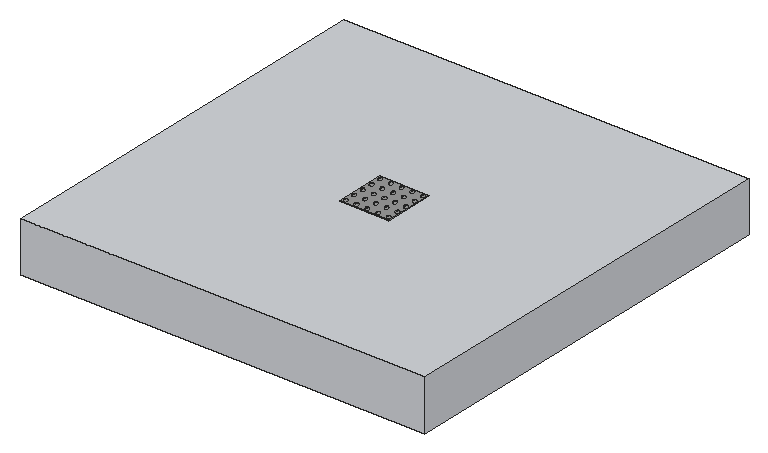
Revit family "Тактильная плитка ПВХ линейное расположение (приклеивание)", category Оборудование, Revit 2017
Family settings
  Основа = Грань
  Размер круглого соединителя = Использовать диаметр
  Тип детали = Нормальный
  При загрузке вырезать с полостями = Да
  Общий = Да
  Точка расчета площади = Нет
Parameters (values of type "Тактильная плитка полиуретановая_Черная")
  Стоимость = 175
  Применение = "Улица/Помещение"
  Default Elevation = 0 mm
  Описание = "Тактильная плитка ПВХ с тактильными конусами в линейном порядке информирует человека с ограничениями зрения о преодолимом препятствии на пути. При этом черный цвет плитки является контрастом к светлой поверхности, что особенно важно для слабовидящего человека. Данную ПВХ плитку очень легко монтировать внутри помещений методом приклеивания."
  Изготовитель = "ТИФЛОЦЕНТР «ВЕРТИКАЛЬ»"
  URL = "http://tiflocentre.ru/magazin/view_product.php?cat=1&podcat=1&id=1085"
  ADSK_Тип рифов = "Конусообразные рифы, линейное расположение"
  ADSK_Размер_Ширина = 300 mm
  ADSK_Размер_Толщина = 2 mm
  ADSK_Размер_Длина = 300 mm
  ADSK_Размер_Габариты = "300Х300"
  ADSK_Размер_Высота рифа = 5 mm
  ADSK_Наименование = "Тактильная плитка ПВХ линейное расположение (приклеивание)"
  ADSK_Материал плитки = Вертикаль_Полиуретан_Черный
  ADSK_Материал наименование = "Полиуретан, цвет черный"
  ADSK_Код изделия = "10653-CH"
Types (2, lengths in mm): name | Описание | URL | ADSK_Материал плитки | ADSK_Материал наименование | ADSK_Код изделия
  Тактильная плитка полиуретан дагональ_Желтая | "Тактильная плитка ПВХ с тактильными конусами в линейном порядке информирует человека с ограничениями зрения о преодолимом препятствии на пути. Желтый цвет служит контрастом к темной поверхности, что особенно важно для слабовидящего человека. Особенность данной серии ПВХ плитки - самоклеящаяс основа, позволяющая ее легко монтировать в помещениях. Самоклеящаяся плитка ПВХ протестирована незрячими специалистами и рекомендована к применению ВОС." | "http://tiflocentre.ru/magazin/view_product.php?cat=1&podcat=1&id=1084" | Вертикаль_Полиуретан_Желтый | "Полиуретан, цвет желтый" | "10653-ZH"
  Тактильная плитка полиуретановая_Черная | "Тактильная плитка ПВХ с тактильными конусами в линейном порядке информирует человека с ограничениями зрения о преодолимом препятствии на пути. При этом черный цвет плитки является контрастом к светлой поверхности, что особенно важно для слабовидящего человека. Данную ПВХ плитку очень легко монтировать внутри помещений методом приклеивания." | "http://tiflocentre.ru/magazin/view_product.php?cat=1&podcat=1&id=1085" | Вертикаль_Полиуретан_Черный | "Полиуретан, цвет черный" | "10653-CH"
Reference planes
  plane 1 "По центру (Вперед/Назад)": y = 0
  plane 2: z = 0
  plane 3 "По центру (Влево/Вправо)": x = 0
  plane 4: x = -150
  plane 5: x = 150
  plane 6: y = -150
  plane 7: y = 150
  plane 8: z = 2
  plane 9: x = -65
  plane 10: x = -130
  plane 11: x = 65
  plane 12: x = 130
  plane 13: y = 130
  plane 14: y = 65
  plane 15: y = -130
  plane 16: y = -65
Forms (mm)
  Extrusion 1, solid
    sketch origin (0, 0, 0) x (1, 0, 0) y (0, 1, 0)
      loop
        line (-1219.2, 1219.2) -> (-1219.2, -1219.2) -> (1219.2, -1219.2) -> (1219.2, 1219.2) -> (-1219.2, 1219.2)
    from 0 to -304.8
  Extrusion 2, solid, material "Вертикаль_Полиуретан_Черный" <- "ADSK_Материал плитки"
    sketch origin (0, 0, 0) x (1, 0, 0) y (0, 1, 0)
      loop
        line (-150, 150) -> (-150, -150) -> (150, -150) -> (150, 150) -> (-150, 150)
    from 0 to 2
Dimensions and locks
  equal spacing: plane 7, plane 1 "По центру (Вперед/Назад)", plane 6
  equal spacing: plane 4, plane 3 "По центру (Влево/Вправо)", plane 5
  "ADSK_Размер_Ширина": plane 4 to plane 5
  "ADSK_Размер_Длина": plane 7 to plane 6
  "ADSK_Размер_Толщина": plane 8 to level
  plane 8 to level = 2 mm
  plane 4 to plane 10 = 20 mm
  plane 15 to plane 6 = 20 mm
  plane 12 to plane 5 = 20 mm
  plane 7 to plane 13 = 20 mm
  aligned and locked: plane 2 to Extrusion 1
  aligned and locked: level to Extrusion 1
  aligned and locked: plane 4 to Extrusion 2 sketch curve
  aligned and locked: Extrusion 2 sketch curve to plane 7
  aligned and locked: Extrusion 2 sketch curve to plane 5
  aligned and locked: plane 6 to Extrusion 2 sketch curve
  aligned and locked: Extrusion 2 to level
  aligned and locked: Extrusion 2 to Extrusion 1
  aligned and locked: plane 8 to Extrusion 2
Automatic sketch dimensions
  Extrusion 1 sketch curve to Extrusion 1 sketch curve = 2438.4 mm  (x2)
Nested families
  nested 1: "Риф" at (130, -130, 2), built-in parameter 1001364 <- "ADSK_Размер_Толщина", Материал <- "ADSK_Материал плитки", type "Риф"
    with Радиус основания 10 mm, Радиус вершины 7 mm, Материал Вертикаль_Полиуретан_Черный
  nested 2: "Риф" at (130, -65, 2), built-in parameter 1001364 <- "ADSK_Размер_Толщина", Материал <- "ADSK_Материал плитки", type "Риф"
    with Радиус основания 10 mm, Радиус вершины 7 mm, Материал Вертикаль_Полиуретан_Черный
  nested 3: "Риф" at (130, 0, 2), built-in parameter 1001364 <- "ADSK_Размер_Толщина", Материал <- "ADSK_Материал плитки", type "Риф"
    with Радиус основания 10 mm, Радиус вершины 7 mm, Материал Вертикаль_Полиуретан_Черный
  nested 4: "Риф" at (130, 65, 2), built-in parameter 1001364 <- "ADSK_Размер_Толщина", Материал <- "ADSK_Материал плитки", type "Риф"
    with Радиус основания 10 mm, Радиус вершины 7 mm, Материал Вертикаль_Полиуретан_Черный
  nested 5: "Риф" at (130, 130, 2), built-in parameter 1001364 <- "ADSK_Размер_Толщина", Материал <- "ADSK_Материал плитки", type "Риф"
    with Радиус основания 10 mm, Радиус вершины 7 mm, Материал Вертикаль_Полиуретан_Черный
  nested 6: "Риф" at (65, -130, 2), built-in parameter 1001364 <- "ADSK_Размер_Толщина", Материал <- "ADSK_Материал плитки", type "Риф"
    with Радиус основания 10 mm, Радиус вершины 7 mm, Материал Вертикаль_Полиуретан_Черный
  nested 7: "Риф" at (65, -65, 2), built-in parameter 1001364 <- "ADSK_Размер_Толщина", Материал <- "ADSK_Материал плитки", type "Риф"
    with Радиус основания 10 mm, Радиус вершины 7 mm, Материал Вертикаль_Полиуретан_Черный
  nested 8: "Риф" at (65, 0, 2), built-in parameter 1001364 <- "ADSK_Размер_Толщина", Материал <- "ADSK_Материал плитки", type "Риф"
    with Радиус основания 10 mm, Радиус вершины 7 mm, Материал Вертикаль_Полиуретан_Черный
  nested 9: "Риф" at (65, 65, 2), built-in parameter 1001364 <- "ADSK_Размер_Толщина", Материал <- "ADSK_Материал плитки", type "Риф"
    with Радиус основания 10 mm, Радиус вершины 7 mm, Материал Вертикаль_Полиуретан_Черный
  nested 10: "Риф" at (65, 130, 2), built-in parameter 1001364 <- "ADSK_Размер_Толщина", Материал <- "ADSK_Материал плитки", type "Риф"
    with Радиус основания 10 mm, Радиус вершины 7 mm, Материал Вертикаль_Полиуретан_Черный
  nested 11: "Риф" at (0, -130, 2), built-in parameter 1001364 <- "ADSK_Размер_Толщина", Материал <- "ADSK_Материал плитки", type "Риф"
    with Радиус основания 10 mm, Радиус вершины 7 mm, Материал Вертикаль_Полиуретан_Черный
  nested 12: "Риф" at (0, -65, 2), built-in parameter 1001364 <- "ADSK_Размер_Толщина", Материал <- "ADSK_Материал плитки", type "Риф"
    with Радиус основания 10 mm, Радиус вершины 7 mm, Материал Вертикаль_Полиуретан_Черный
  nested 13: "Риф" at (0, 0, 2), built-in parameter 1001364 <- "ADSK_Размер_Толщина", Материал <- "ADSK_Материал плитки", type "Риф"
    with Радиус основания 10 mm, Радиус вершины 7 mm, Материал Вертикаль_Полиуретан_Черный
  nested 14: "Риф" at (0, 65, 2), built-in parameter 1001364 <- "ADSK_Размер_Толщина", Материал <- "ADSK_Материал плитки", type "Риф"
    with Радиус основания 10 mm, Радиус вершины 7 mm, Материал Вертикаль_Полиуретан_Черный
  nested 15: "Риф" at (0, 130, 2), built-in parameter 1001364 <- "ADSK_Размер_Толщина", Материал <- "ADSK_Материал плитки", type "Риф"
    with Радиус основания 10 mm, Радиус вершины 7 mm, Материал Вертикаль_Полиуретан_Черный
  nested 16: "Риф" at (-65, -130, 2), built-in parameter 1001364 <- "ADSK_Размер_Толщина", Материал <- "ADSK_Материал плитки", type "Риф"
    with Радиус основания 10 mm, Радиус вершины 7 mm, Материал Вертикаль_Полиуретан_Черный
  nested 17: "Риф" at (-65, -65, 2), built-in parameter 1001364 <- "ADSK_Размер_Толщина", Материал <- "ADSK_Материал плитки", type "Риф"
    with Радиус основания 10 mm, Радиус вершины 7 mm, Материал Вертикаль_Полиуретан_Черный
  nested 18: "Риф" at (-65, 0, 2), built-in parameter 1001364 <- "ADSK_Размер_Толщина", Материал <- "ADSK_Материал плитки", type "Риф"
    with Радиус основания 10 mm, Радиус вершины 7 mm, Материал Вертикаль_Полиуретан_Черный
  nested 19: "Риф" at (-65, 65, 2), built-in parameter 1001364 <- "ADSK_Размер_Толщина", Материал <- "ADSK_Материал плитки", type "Риф"
    with Радиус основания 10 mm, Радиус вершины 7 mm, Материал Вертикаль_Полиуретан_Черный
  nested 20: "Риф" at (-65, 130, 2), built-in parameter 1001364 <- "ADSK_Размер_Толщина", Материал <- "ADSK_Материал плитки", type "Риф"
    with Радиус основания 10 mm, Радиус вершины 7 mm, Материал Вертикаль_Полиуретан_Черный
  nested 21: "Риф" at (-130, -130, 2), built-in parameter 1001364 <- "ADSK_Размер_Толщина", Материал <- "ADSK_Материал плитки", type "Риф"
    with Радиус основания 10 mm, Радиус вершины 7 mm, Материал Вертикаль_Полиуретан_Черный
  nested 22: "Риф" at (-130, -65, 2), built-in parameter 1001364 <- "ADSK_Размер_Толщина", Материал <- "ADSK_Материал плитки", type "Риф"
    with Радиус основания 10 mm, Радиус вершины 7 mm, Материал Вертикаль_Полиуретан_Черный
  nested 23: "Риф" at (-130, 0, 2), built-in parameter 1001364 <- "ADSK_Размер_Толщина", Материал <- "ADSK_Материал плитки", type "Риф"
    with Радиус основания 10 mm, Радиус вершины 7 mm, Материал Вертикаль_Полиуретан_Черный
  nested 24: "Риф" at (-130, 65, 2), built-in parameter 1001364 <- "ADSK_Размер_Толщина", Материал <- "ADSK_Материал плитки", type "Риф"
    with Радиус основания 10 mm, Радиус вершины 7 mm, Материал Вертикаль_Полиуретан_Черный
  nested 25: "Риф" at (-130, 130, 2), built-in parameter 1001364 <- "ADSK_Размер_Толщина", Материал <- "ADSK_Материал плитки", type "Риф"
    with Радиус основания 10 mm, Радиус вершины 7 mm, Материал Вертикаль_Полиуретан_Черный
Definition of nested family "Риф"
  Parameters (values of type "Риф")
    Радиус основания [instance] = 10 mm
    Радиус вершины [instance] = 5 mm
    Материал [instance] = none
    Высота конуса = 5 mm
  Reference planes
    plane 1 "По центру (Вперед/Назад)": y = 0
    plane 2: z = 0
    plane 3 "По центру (Влево/Вправо)": x = 0
    plane 4: z = 5
    plane 5: y = -10
    plane 6: y = 10
    plane 7: y = -5
    plane 8: y = 5
  Forms (mm)
    Revolve 1, solid, material <- "Материал"
      sketch origin (0, 0, 0) x (0, 1, 0) y (0, 0, 1)
        loop
          line (0, 5) -> (0, 0) -> (10, 0) -> (5, 5) -> (0, 5)
        axis (0, 5) -> (0, 0)
      angle from 0 to 360
  Lines and regions (mm)
    model lines
      curve 1: line (0, 10, 0) -> (0, -10, 0)
      curve 2: line (10, 0, 0) -> (-10, 0, 0)
  Dimensions and locks
    "Высота конуса": plane 4 to plane 2
    equal spacing: plane 5, plane 1 "По центру (Вперед/Назад)", plane 6
    "Радиус основания": plane 5 to plane 1 "По центру (Вперед/Назад)"
    equal spacing: plane 7, plane 1 "По центру (Вперед/Назад)", plane 8
    "Радиус вершины": plane 7 to plane 1 "По центру (Вперед/Назад)"
    aligned and locked: level to plane 2
    aligned and locked: plane 4 to Revolve 1
    aligned and locked: level to Revolve 1 sketch curve
    aligned and locked: plane 6 to Revolve 1 sketch curve
    aligned and locked: Revolve 1 sketch curve to plane 4
  Automatic sketch dimensions
    Revolve 1 sketch curve to plane 1 "По центру (Вперед/Назад)" = 0 mm  (x2)
    Revolve 1 sketch curve to plane 8 = 0 mm
    Revolve 1 sketch curve to level = 80 mm
    Revolve 1 sketch curve to Revolve 1 sketch curve = 55 mm
    plane 1 "По центру (Вперед/Назад)" to curve 2 = 0 mm
    curve 1 to plane 3 "По центру (Влево/Вправо)" = 0 mm
    curve 1 to plane 5 = 0 mm
    curve 1 to plane 6 = 0 mm
    curve 2 to plane 3 "По центру (Влево/Вправо)" = 10 mm
    plane 3 "По центру (Влево/Вправо)" to curve 2 = 10 mm
